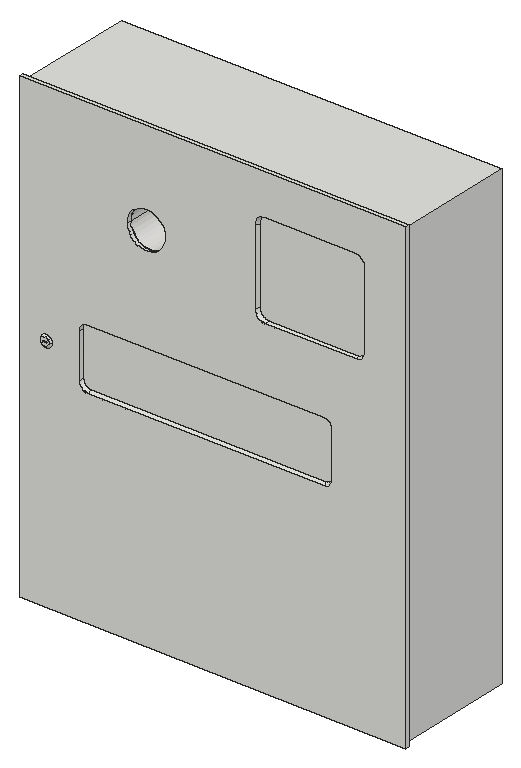
Revit family "DSND0002_REVIT", category Generic Models, Revit 2017
Family settings
  Can host rebar = No
  Round Connector Dimension = Use Diameter
  Part Type = Normal
  Work Plane-Based = Yes
  Always vertical = No
  Cut with Voids When Loaded = Yes
  Shared = No
  Room Calculation Point = No
Parameters
  Website = "https://dolphy.in/"  # constant formula
  Model = "DSND0002"  # constant formula
  Default Elevation = 1219.2 mm
  Contact number = "+91 9520202035"  # constant formula
  Contact email = "info@dolphy.in"  # constant formula
  Company name = "Dolphy India"  # constant formula
Reference planes
  plane 1 "Center (Front/Back)": y = 0
  plane 2: z = 0
  plane 3 "Center (Left/Right)": x = 0
  plane 4: z = 490
  plane 5: x = -202.39
  plane 6: x = 202.39
  plane 7: z = 0
Forms (mm)
  Extrusion 1, solid, material "Stainless Steel"
    sketch origin (-44.39, 0, 233.75) x (1, 0, 0) y (0, 0, 1)
      loop
        line (-158, 256.25) -> (-158, -233.75) -> (246.78, -233.75) -> (246.78, 256.25) -> (-158, 256.25)
    from 125.956 to 130
  Extrusion 2, solid, material "Stainless Steel"
    sketch origin (-44.39, 117.022, 296.728) x (1, 0, 0) y (0, 0, 1)
      loop
        line (-154.859, 189.6) -> (-154.859, -294.256) -> (243.783, -294.256) -> (243.783, 189.6) -> (-154.859, 189.6)
    from 117.022 to 242.978
  Extrusion 3, void
    sketch origin (-44.39, -13.272, 2.472) x (1, 0, 0) y (0, 0, 1)
      loop
        circle (-24.849, 389.157) r 20
    from 55.191 to 130
  Blend 4, void
    base sketch origin (-44.39, -13.272, 28.117) x (1, 0, 0) y (0, 0, 1)
      loop
        line (89.336, 409.355) -> (89.336, 329.355)
        spline (89.336, 329.355) -> (89.527, 327.881) -> (89.834, 326.523) -> (90.258, 325.282) -> (90.8, 324.158) -> (91.458, 323.149) -> (92.232, 322.258) -> (93.124, 321.483) -> (94.133, 320.824) -> (95.258, 320.282) -> (96.501, 319.857) -> (97.86, 319.548) -> (99.336, 319.355)
        line (99.336, 319.355) -> (194.336, 319.355)
        spline (194.336, 319.355) -> (195.811, 319.553) -> (197.169, 319.866) -> (198.411, 320.295) -> (199.536, 320.839) -> (200.544, 321.499) -> (201.436, 322.275) -> (202.211, 323.166) -> (202.869, 324.173) -> (203.411, 325.295) -> (203.836, 326.533) -> (204.144, 327.886) -> (204.336, 329.355)
        line (204.336, 329.355) -> (204.336, 409.355)
        spline (204.336, 409.355) -> (204.121, 410.816) -> (203.793, 412.162) -> (203.352, 413.395) -> (202.8, 414.513) -> (202.135, 415.518) -> (201.358, 416.408) -> (200.468, 417.184) -> (199.467, 417.846) -> (198.352, 418.395) -> (197.126, 418.829) -> (195.787, 419.149) -> (194.336, 419.355)
        line (194.336, 419.355) -> (99.336, 419.355)
        spline (99.336, 419.355) -> (97.869, 419.139) -> (96.517, 418.81) -> (95.28, 418.369) -> (94.159, 417.817) -> (93.153, 417.151) -> (92.262, 416.374) -> (91.486, 415.485) -> (90.826, 414.483) -> (90.28, 413.369) -> (89.85, 412.144) -> (89.536, 410.805) -> (89.336, 409.355)
    top sketch origin (-44.39, -13.272, 28.117) x (1, 0, 0) y (0, 0, 1)
      loop
        spline (108.454, 401.807) -> (107.66, 401.786) -> (106.935, 401.723) -> (106.278, 401.618) -> (105.69, 401.471) -> (105.169, 401.283) -> (104.717, 401.053) -> (104.333, 400.78) -> (104.017, 400.466) -> (103.769, 400.11) -> (103.589, 399.712) -> (103.478, 399.273) -> (103.435, 398.791)
        line (103.435, 398.791) -> (103.435, 344.174)
        spline (103.435, 344.174) -> (103.475, 343.575) -> (103.584, 343.028) -> (103.762, 342.534) -> (104.008, 342.091) -> (104.324, 341.701) -> (104.707, 341.363) -> (105.16, 341.076) -> (105.681, 340.842) -> (106.271, 340.66) -> (106.93, 340.53) -> (107.658, 340.452) -> (108.454, 340.426)
        line (108.454, 340.426) -> (190.142, 340.426)
        spline (190.142, 340.426) -> (190.668, 340.453) -> (191.148, 340.517) -> (191.583, 340.617) -> (191.971, 340.753) -> (192.314, 340.925) -> (192.612, 341.134) -> (192.863, 341.379) -> (193.069, 341.66) -> (193.229, 341.978) -> (193.343, 342.332) -> (193.412, 342.722) -> (193.435, 343.148)
        line (193.435, 343.148) -> (193.435, 398.148)
        spline (193.435, 398.148) -> (193.412, 398.724) -> (193.343, 399.251) -> (193.229, 399.728) -> (193.069, 400.156) -> (192.863, 400.535) -> (192.612, 400.865) -> (192.314, 401.145) -> (191.971, 401.376) -> (191.583, 401.558) -> (191.148, 401.69) -> (190.668, 401.773) -> (190.142, 401.807)
        line (190.142, 401.807) -> (108.454, 401.807)
    from 116.728 to 55.191
  Blend 5, void
    base sketch origin (-44.39, -13.272, 27.472) x (1, 0, 0) y (0, 0, 1)
      loop
        spline (-86.796, 253.919) -> (-88.064, 253.73) -> (-89.231, 253.445) -> (-90.298, 253.064) -> (-91.264, 252.588) -> (-92.13, 252.016) -> (-92.896, 251.348) -> (-93.561, 250.585) -> (-94.126, 249.726) -> (-94.59, 248.772) -> (-94.954, 247.722) -> (-95.217, 246.576) -> (-95.38, 245.335)
        line (-95.38, 245.335) -> (-95.38, 197.439)
        spline (-95.38, 197.439) -> (-95.181, 196.179) -> (-94.89, 195.02) -> (-94.505, 193.961) -> (-94.027, 193.001) -> (-93.457, 192.142) -> (-92.793, 191.382) -> (-92.037, 190.722) -> (-91.187, 190.161) -> (-90.245, 189.701) -> (-89.21, 189.341) -> (-88.082, 189.08) -> (-86.861, 188.919)
        line (-86.861, 188.919) -> (161.12, 188.919)
        spline (161.12, 188.919) -> (162.33, 189.082) -> (163.45, 189.343) -> (164.478, 189.704) -> (165.415, 190.165) -> (166.26, 190.724) -> (167.014, 191.383) -> (167.677, 192.141) -> (168.248, 192.998) -> (168.728, 193.954) -> (169.117, 195.01) -> (169.414, 196.165) -> (169.62, 197.419)
        line (169.62, 197.419) -> (169.62, 245.439)
        spline (169.62, 245.439) -> (169.448, 246.69) -> (169.179, 247.842) -> (168.813, 248.895) -> (168.349, 249.849) -> (167.788, 250.704) -> (167.13, 251.461) -> (166.375, 252.118) -> (165.523, 252.676) -> (164.573, 253.135) -> (163.526, 253.495) -> (162.382, 253.757) -> (161.14, 253.919)
        line (161.14, 253.919) -> (-86.796, 253.919)
    top sketch origin (-44.39, -13.272, 27.472) x (1, 0, 0) y (0, 0, 1)
      loop
        spline (-86.925, 253.919) -> (-88.318, 253.758) -> (-89.592, 253.478) -> (-90.748, 253.079) -> (-91.784, 252.56) -> (-92.702, 251.923) -> (-93.502, 251.167) -> (-94.182, 250.292) -> (-94.744, 249.297) -> (-95.187, 248.184) -> (-95.511, 246.951) -> (-95.717, 245.6) -> (-95.803, 244.129)
        line (-95.803, 244.129) -> (-91.764, 209.424)
        spline (-91.764, 209.424) -> (-91.58, 208.401) -> (-91.307, 207.455) -> (-90.947, 206.587) -> (-90.499, 205.798) -> (-89.964, 205.087) -> (-89.34, 204.453) -> (-88.629, 203.898) -> (-87.83, 203.421) -> (-86.943, 203.022) -> (-85.969, 202.702) -> (-84.906, 202.459) -> (-83.756, 202.294)
        line (-83.756, 202.294) -> (159.521, 202.294)
        spline (159.521, 202.294) -> (160.72, 202.453) -> (161.834, 202.704) -> (162.863, 203.049) -> (163.807, 203.486) -> (164.666, 204.017) -> (165.441, 204.642) -> (166.131, 205.359) -> (166.736, 206.17) -> (167.256, 207.074) -> (167.691, 208.072) -> (168.042, 209.162) -> (168.308, 210.346)
        line (168.308, 210.346) -> (171.195, 243.347)
        spline (171.195, 243.347) -> (171.128, 244.855) -> (170.926, 246.249) -> (170.589, 247.529) -> (170.119, 248.695) -> (169.513, 249.747) -> (168.773, 250.685) -> (167.899, 251.509) -> (166.889, 252.219) -> (165.746, 252.815) -> (164.468, 253.297) -> (163.055, 253.665) -> (161.508, 253.919)
        line (161.508, 253.919) -> (-86.925, 253.919)
    from 116.728 to 92.568
  Blend 6, solid, material "Stainless Steel"
    base sketch origin (-44.39, -13.272, 27.472) x (1, 0, 0) y (0, 0, 1)
      loop
        circle (-130.379, 223.087) r 5.997
    top sketch origin (-44.39, -13.272, 27.472) x (1, 0, 0) y (0, 0, 1)
      loop
        circle (-130.379, 223.087) r 4.636
    from 116.728 to 118.156
  Extrusion 7, void
    sketch origin (-44.39, -13.272, 27.472) x (1, 0, 0) y (0, 0, 1)
      loop
        line (-133.018, 223.476) -> (-133.018, 222.286) -> (-127.938, 222.286) -> (-127.938, 223.476) -> (-133.018, 223.476)
    from 112.683 to 118.156
Cuts and joins
  Extrusion 3, Blend 4, Blend 5 cuts Extrusion 1
  Extrusion 3 cuts Extrusion 2
  Extrusion 7 cuts Blend 6
Dimensions and locks
  aligned and locked: level to plane 2
